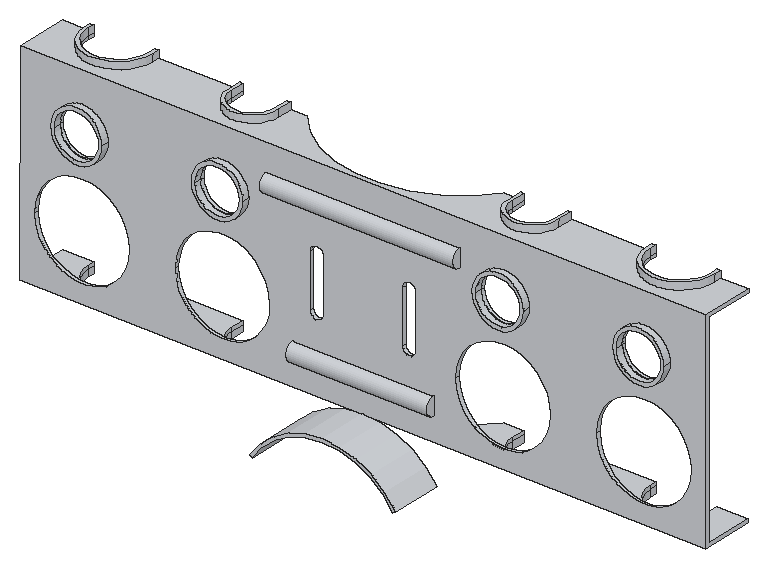
Revit family
Parameters
  URL = "www.siouxchief.com"
  Model = "521-110"
  Manufacturer = "Sioux Chief Manufacturing"
  Keynote = "Position Bracket"
  Description = "Position Bracket"
Reference planes (in)
  plane 1 "Center (Front/Back)": y = 0
  plane 2: z = 0
  plane 3 "Center (Left/Right)": x = 0
  plane 4: x = -4.875
  plane 5: x = 4.875
  plane 6: x = -3.995
  plane 7: x = -1.995
  plane 8: z = 2.17799
  plane 9: z = 0.923
  plane 10: z = 0.969
  plane 11: y = -0.1
  plane 12: y = -0.215
Forms (in)
  Extrusion 1, solid
    sketch origin (0, 0, 0) x (0, 1, 0) y (0, 0, 1)
      loop
        line (0, 0) -> (0, 0.05) -> (-0.7, 0.05) -> (-0.7, 2.921) -> (0, 2.921) -> (0, 2.971) -> (-0.75, 2.971) -> (-0.75, 0) -> (0, 0)
    from -4.875 to 4.875
  Extrusion 2, void
    sketch origin (0, 0, 0) x (1, 0, 0) y (0, 0, 1)
      loop
        circle (-3.995, 0.923) r 0.674
    from 0.69964 to 0.75
  Extrusion 3, void
    sketch origin (2, 0, 0) x (1, 0, 0) y (0, 0, 1)
      loop
        circle (-3.995, 0.923) r 0.674
    from 0 to 0.75
  Extrusion 4, solid
    sketch origin (0, 0, 0) x (1, 0, 0) y (0, 0, 1)
      loop
        circle (-3.995, 2.17799) r 0.364
    from 0.75 to 0.85
  Extrusion 5, void
    sketch origin (0, 0, 0) x (1, 0, 0) y (0, 0, 1)
      loop
        circle (-3.995, 2.17799) r 0.316
    from 0.85 to 0.7
  Extrusion 6, solid
    sketch origin (2, 0, 0) x (1, 0, 0) y (0, 0, 1)
      loop
        circle (-3.995, 2.17799) r 0.364
    from 0.75 to 0.85
  Extrusion 7, void
    sketch origin (2, 0, 0) x (1, 0, 0) y (0, 0, 1)
      loop
        circle (-3.995, 2.17799) r 0.316
    from 0.85 to 0.7
  Extrusion 8, void
    sketch origin (0, 0, 0) x (-1, 0, 0) y (0, 0, -1)
      loop
        circle (-3.995, -0.923) r 0.674
    from 0.69964 to 0.75
  Extrusion 9, void
    sketch origin (-2, 0, 0) x (-1, 0, 0) y (0, 0, -1)
      loop
        circle (-3.995, -0.923) r 0.674
    from 0 to 0.75
  Extrusion 10, solid
    sketch origin (0, 0, 0) x (-1, 0, 0) y (0, 0, -1)
      loop
        circle (-3.995, -2.17799) r 0.364
    from 0.75 to 0.85
  Extrusion 11, void
    sketch origin (0, 0, 0) x (-1, 0, 0) y (0, 0, -1)
      loop
        circle (-3.995, -2.17799) r 0.316
    from 0.85 to 0.7
  Extrusion 12, solid
    sketch origin (-2, 0, 0) x (-1, 0, 0) y (0, 0, -1)
      loop
        circle (-3.995, -2.17799) r 0.364
    from 0.75 to 0.85
  Extrusion 13, void
    sketch origin (-2, 0, 0) x (-1, 0, 0) y (0, 0, -1)
      loop
        circle (-3.995, -2.17799) r 0.316
    from 0.85 to 0.7
  Extrusion 14, void
    sketch origin (0, 0, 0) x (1, 0, 0) y (0, 0, 1)
      loop
        line (-0.563, 1.063) -> (-0.563, 1.813)
        arc (-0.563, 1.813) -> (-0.657, 1.907) -> (-0.751, 1.813) r 0.094
        line (-0.751, 1.813) -> (-0.751, 1.063)
        arc (-0.751, 1.063) -> (-0.657, 0.969) -> (-0.563, 1.063) r 0.094
    from 0.7 to 0.75
  Extrusion 15, void
    sketch origin (0, 0, 0) x (-1, 0, 0) y (0, 0, -1)
      loop
        arc (-0.563, -1.063) -> (-0.657, -0.969) -> (-0.751, -1.063) r 0.094
        line (-0.751, -1.063) -> (-0.751, -1.813)
        arc (-0.751, -1.813) -> (-0.657, -1.907) -> (-0.563, -1.813) r 0.094
        line (-0.563, -1.813) -> (-0.563, -1.063)
    from 0.7 to 0.75
  Extrusion 16, solid
    sketch origin (0, -0.75, 2.971) x (0, 1, 0) y (-1, 0, 0)
      loop
        arc (0.65, 4.48) -> (0.165, 3.995) -> (0.65, 3.51) r 0.485
        line (0.65, 3.51) -> (0.75, 3.51) -> (0.75, 4.48) -> (0.65, 4.48)
    from 0 to 0.1
  Extrusion 17, solid
    sketch origin (0, -0.75, 2.971) x (0, 1, 0) y (-1, 0, 0)
      loop
        arc (0.535, 2.355) -> (0.175, 1.995) -> (0.535, 1.635) r 0.36
        line (0.535, 1.635) -> (0.75, 1.635) -> (0.75, 2.355) -> (0.535, 2.355)
    from 0 to 0.1
  Extrusion 18, void
    sketch origin (0, -0.75, 2.971) x (-1, 0, 0) y (0, 1, 0)
      loop
        line (4.432, 0.65) -> (4.432, 0.75) -> (3.558, 0.75) -> (3.558, 0.65)
        arc (3.558, 0.65) -> (3.995, 0.213) -> (4.432, 0.65) r 0.437
    from -0.1 to 0.05
  Extrusion 19, void
    sketch origin (0, -0.75, 2.971) x (-1, 0, 0) y (0, 1, 0)
      loop
        line (2.305, 0.535) -> (2.305, 0.75) -> (1.685, 0.75) -> (1.685, 0.535)
        arc (1.685, 0.535) -> (1.995, 0.225) -> (2.305, 0.535) r 0.31
    from -0.1 to 0.05
  Extrusion 20, solid
    sketch origin (0, -0.75, 0) x (1, 0, 0) y (0, -1, 0)
      loop
        line (-4.48, -0.65) -> (-4.48, -0.75) -> (-3.51, -0.75) -> (-3.51, -0.65)
        arc (-3.51, -0.65) -> (-3.995, -0.165) -> (-4.48, -0.65) r 0.485
    from 0 to 0.1
  Extrusion 21, solid
    sketch origin (0, -0.75, 0) x (1, 0, 0) y (0, -1, 0)
      loop
        line (-2.355, -0.535) -> (-2.355, -0.75) -> (-1.635, -0.75) -> (-1.635, -0.535)
        arc (-1.635, -0.535) -> (-1.995, -0.175) -> (-2.355, -0.535) r 0.36
    from 0 to 0.1
  Extrusion 22, void
    sketch origin (0, -0.75, 0) x (0, -1, 0) y (1, 0, 0)
      loop
        arc (-0.65, -4.432) -> (-0.213, -3.995) -> (-0.65, -3.558) r 0.437
        line (-0.65, -3.558) -> (-0.75, -3.558) -> (-0.75, -4.432) -> (-0.65, -4.432)
    from -0.1 to 0.05
  Extrusion 23, void
    sketch origin (0, -0.75, 0) x (0, -1, 0) y (1, 0, 0)
      loop
        arc (-0.535, -2.305) -> (-0.225, -1.995) -> (-0.535, -1.685) r 0.31
        line (-0.535, -1.685) -> (-0.75, -1.685) -> (-0.75, -2.305) -> (-0.535, -2.305)
    from -0.1 to 0.05
  Extrusion 24, solid
    sketch origin (0, -0.75, 2.971) x (0, 1, 0) y (-1, 0, 0)
      loop
        line (0.65, -4.48) -> (0.75, -4.48) -> (0.75, -3.51) -> (0.65, -3.51)
        arc (0.65, -3.51) -> (0.165, -3.995) -> (0.65, -4.48) r 0.485
    from 0 to 0.1
  Extrusion 25, solid
    sketch origin (0, -0.75, 2.971) x (0, 1, 0) y (-1, 0, 0)
      loop
        line (0.535, -2.355) -> (0.75, -2.355) -> (0.75, -1.635) -> (0.535, -1.635)
        arc (0.535, -1.635) -> (0.175, -1.995) -> (0.535, -2.355) r 0.36
    from 0 to 0.1
  Extrusion 26, void
    sketch origin (0, -0.75, 2.971) x (-1, 0, 0) y (0, 1, 0)
      loop
        arc (-4.432, 0.65) -> (-3.995, 0.213) -> (-3.558, 0.65) r 0.437
        line (-3.558, 0.65) -> (-3.558, 0.75) -> (-4.432, 0.75) -> (-4.432, 0.65)
    from -0.1 to 0.05
  Extrusion 27, void
    sketch origin (0, -0.75, 2.971) x (-1, 0, 0) y (0, 1, 0)
      loop
        arc (-2.305, 0.535) -> (-1.995, 0.225) -> (-1.685, 0.535) r 0.31
        line (-1.685, 0.535) -> (-1.685, 0.75) -> (-2.305, 0.75) -> (-2.305, 0.535)
    from -0.1 to 0.05
  Extrusion 28, solid
    sketch origin (0, -0.75, 0) x (1, 0, 0) y (0, -1, 0)
      loop
        arc (4.48, -0.65) -> (3.995, -0.165) -> (3.51, -0.65) r 0.485
        line (3.51, -0.65) -> (3.51, -0.75) -> (4.48, -0.75) -> (4.48, -0.65)
    from 0 to 0.1
  Extrusion 29, solid
    sketch origin (0, -0.75, 0) x (1, 0, 0) y (0, -1, 0)
      loop
        arc (2.355, -0.535) -> (1.995, -0.175) -> (1.635, -0.535) r 0.36
        line (1.635, -0.535) -> (1.635, -0.75) -> (2.355, -0.75) -> (2.355, -0.535)
    from 0 to 0.1
  Extrusion 30, void
    sketch origin (0, -0.75, 0) x (0, -1, 0) y (1, 0, 0)
      loop
        line (-0.65, 4.432) -> (-0.75, 4.432) -> (-0.75, 3.558) -> (-0.65, 3.558)
        arc (-0.65, 3.558) -> (-0.213, 3.995) -> (-0.65, 4.432) r 0.437
    from -0.1 to 0.05
  Extrusion 31, void
    sketch origin (0, -0.75, 0) x (0, -1, 0) y (1, 0, 0)
      loop
        line (-0.535, 2.305) -> (-0.75, 2.305) -> (-0.75, 1.685) -> (-0.535, 1.685)
        arc (-0.535, 1.685) -> (-0.225, 1.995) -> (-0.535, 2.305) r 0.31
    from -0.1 to 0.05
  Extrusion 32, solid
    sketch origin (0, -0.75, 0) x (0, 0, 1) y (-1, 0, 0)
      loop
        line (-0.56948, 1.04051) -> (-0.59545, 0.99991)
        arc (-0.59545, 0.99991) -> (-0.048, 0) -> (-0.59545, -0.99991) r 1.18688
        line (-0.59545, -0.99991) -> (-0.56948, -1.04051)
        arc (-0.56948, -1.04051) -> (0, 0) -> (-0.56948, 1.04051) r 1.23531
    from 0 to 0.719
  Extrusion 33, solid
    sketch origin (-1.375, 0, -0.22937) x (0, 1, 0) y (0, 0, 1)
      loop
        arc (-0.75, 2.82537) -> (-0.875, 2.70037) -> (-0.75, 2.57537) r 0.125
        line (-0.75, 2.57537) -> (-0.75, 2.82537)
    from 0 to 2.75
  Extrusion 34, void
    sketch origin (0, -0.73438, 2.971) x (-1, 0, 0) y (0, 1, 0)
      loop
        line (1.4094, 0.75008) -> (-1.4094, 0.75008)
        arc (-1.4094, 0.75008) -> (0, 0.04421) -> (1.4094, 0.75008) r 1.76
    from 0 to 2.971
  Extrusion 35, solid
    sketch origin (-1, 0, 3.15237) x (0, 1, 0) y (0, 0, 1)
      loop
        line (-0.75, -2.82537) -> (-0.75, -2.57537)
        arc (-0.75, -2.57537) -> (-0.875, -2.70037) -> (-0.75, -2.82537) r 0.125
    from 0 to 2
  Extrusion 36, solid, not visible
    sketch origin (0, 0, 0) x (1, 0, 0) y (0, 1, 0)
      loop
        circle (-1.995, -0.215) r 0.31
    from -0.1 to 0
  Extrusion 37, solid, not visible
    sketch origin (3.99, 0, 0) x (1, 0, 0) y (0, 1, 0)
      loop
        circle (-1.995, -0.215) r 0.31
    from -0.1 to 0
  Extrusion 38, solid, not visible
    sketch origin (0, -0.8861, 0) x (0, 0, 1) y (-1, 0, 0)
      loop
        circle (-1.2455, 0) r 1.1975
    from 0 to 0.1
  Extrusion 39, solid, not visible
    sketch origin (0, -0.75, -0.1) x (0, 1, 0) y (-1, 0, 0)
      loop
        circle (0.688, 3.995) r 0.375
    from 0 to 0.1
  Extrusion 40, solid, not visible
    sketch origin (0, -0.75, -0.1) x (0, 1, 0) y (-1, 0, 0)
      loop
        circle (0.688, -3.995) r 0.375
    from 0 to 0.1
  Extrusion 41, solid, not visible
    sketch origin (0, 0, 0) x (-1, 0, 0) y (0, 1, 0)
      loop
        circle (0, 1.05984) r 1.5
    from 0 to 0.1
Cuts and joins
  Extrusion 2, Extrusion 3, Extrusion 5, Extrusion 7, Extrusion 8, Extrusion 9, Extrusion 11, Extrusion 13, Extrusion 14, Extrusion 15, Extrusion 18, Extrusion 19, Extrusion 22, Extrusion 23, Extrusion 26, Extrusion 27, Extrusion 30, Extrusion 31, Extrusion 34 cuts Extrusion 1
  Extrusion 5, Extrusion 7, Extrusion 11 cuts Extrusion 4
  Extrusion 7, Extrusion 13 cuts Extrusion 6
  Extrusion 11 cuts Extrusion 10
  Extrusion 13 cuts Extrusion 12
  Extrusion 18, Extrusion 22, Extrusion 26 cuts Extrusion 16
  Extrusion 19, Extrusion 23, Extrusion 27 cuts Extrusion 17
  Extrusion 22, Extrusion 30 cuts Extrusion 20
  Extrusion 23, Extrusion 31 cuts Extrusion 21
  Extrusion 26 cuts Extrusion 24
  Extrusion 27 cuts Extrusion 25
  Extrusion 30 cuts Extrusion 28
  Extrusion 31 cuts Extrusion 29
Dimensions and locks (in)
  locked: plane 5 to plane 4 at 9.75
  plane 1 "Center (Front/Back)" to plane 12 = 0.215"
  aligned and locked: plane 2 to level
  aligned and locked: Extrusion 1 to plane 4
  aligned and locked: Extrusion 1 to plane 5
  aligned and locked: Extrusion 1 to Extrusion 3
  aligned and locked: Extrusion 1 to Extrusion 2
  aligned and locked: Extrusion 1 to Extrusion 5
  aligned and locked: Extrusion 1 to Extrusion 14  (x2)
  aligned and locked: Extrusion 1 to Extrusion 15  (x2)
  aligned: Extrusion 16 to cut or joined group 1 (Extrusion 1, Extrusion 2, Extrusion 3, Extrusion 5, Extrusion 7, Extrusion 8, Extrusion 9, Extrusion 11, Extrusion 13, Extrusion 14, Extrusion 15, Extrusion 18, Extrusion 19, Extrusion 22, Extrusion 23, Extrusion 26, Extrusion 27, Extrusion 30, Extrusion 31, Extrusion 34)
  aligned: Extrusion 17 to cut or joined group 1
  aligned and locked: Extrusion 17 to Extrusion 18
  aligned and locked: Extrusion 18 to Extrusion 1
  aligned and locked: Extrusion 18 to Extrusion 19
  aligned and locked: Extrusion 19 to Extrusion 1
  aligned and locked: Extrusion 21 to Extrusion 22
  aligned and locked: Extrusion 22 to Extrusion 23
  aligned and locked: Extrusion 25 to Extrusion 26
  aligned and locked: Extrusion 26 to Extrusion 27
  aligned and locked: Extrusion 29 to Extrusion 30
  aligned and locked: Extrusion 30 to Extrusion 31
  aligned and locked: cut or joined group 1 to Extrusion 34
  aligned and locked: Extrusion 34 to level
  aligned and locked: Extrusion 36 to cut or joined group of Extrusion 20, Extrusion 22, Extrusion 30
  aligned and locked: Extrusion 36 to cut or joined group 1
Connectors (in)
  piping at (-1.995, -0.75, 0.923)
    settings: on cut or joined group 1, index 1, connector radius 0.63", flow factor 0, pipe flow 0 GPM, pressure drop 0.00 psi, fitting loss kfactor 0, connector angle 0.00°, fixture units 0, flow configuration 0, flow direction 0, fitting loss method 0, system type 22, connector reference index 19, connector utility 0, adjustable connector no, is connector primary yes, fitting loss table "", connector description ""
  piping at (-3.995, -0.7, 0.923)
    settings: on cut or joined group 1, index 2, connector radius 0.63", flow factor 0, pipe flow 0 GPM, pressure drop 0.00 psi, fitting loss kfactor 0, connector angle 0.00°, fixture units 0, flow configuration 0, flow direction 0, fitting loss method 0, system type 22, connector reference index 20, connector utility 0, adjustable connector no, is connector primary no, fitting loss table "", connector description ""
  piping at (3.995, -0.75, 0.923)
    settings: on cut or joined group 1, index 4, connector radius 0.63", flow factor 0, pipe flow 0 GPM, pressure drop 0.00 psi, fitting loss kfactor 0, connector angle 0.00°, fixture units 0, flow configuration 0, flow direction 0, fitting loss method 0, system type 22, connector reference index 15, connector utility 0, adjustable connector no, is connector primary no, fitting loss table "", connector description ""
  piping at (3.995, -0.85, 2.17799)
    settings: on cut or joined group of Extrusion 10, Extrusion 11, index 5, connector radius 1/4", flow factor 0, pipe flow 0 GPM, pressure drop 0.00 psi, fitting loss kfactor 0, connector angle 0.00°, fixture units 0, flow configuration 0, flow direction 0, fitting loss method 0, system type 22, connector reference index 17, connector utility 0, adjustable connector no, is connector primary no, fitting loss table "", connector description ""
  piping at (1.995, -0.85, 2.17799)
    settings: on cut or joined group of Extrusion 12, Extrusion 13, index 6, connector radius 1/4", flow factor 0, pipe flow 0 GPM, pressure drop 0.00 psi, fitting loss kfactor 0, connector angle 0.00°, fixture units 0, flow configuration 0, flow direction 0, fitting loss method 0, system type 22, connector reference index 18, connector utility 0, adjustable connector no, is connector primary no, fitting loss table "", connector description ""
  piping at (-1.995, -0.85, 2.17799)
    settings: on cut or joined group of Extrusion 6, Extrusion 7, Extrusion 13, index 7, connector radius 1/4", flow factor 0, pipe flow 0 GPM, pressure drop 0.00 psi, fitting loss kfactor 0, connector angle 0.00°, fixture units 0, flow configuration 0, flow direction 0, fitting loss method 0, system type 22, connector reference index 21, connector utility 0, adjustable connector no, is connector primary no, fitting loss table "", connector description ""
  piping at (-3.995, -0.85, 2.17799)
    settings: on cut or joined group of Extrusion 4, Extrusion 5, Extrusion 7, Extrusion 11, index 8, connector radius 1/4", flow factor 0, pipe flow 0 GPM, pressure drop 0.00 psi, fitting loss kfactor 0, connector angle 0.00°, fixture units 0, flow configuration 0, flow direction 0, fitting loss method 0, system type 22, connector reference index 22, connector utility 0, adjustable connector no, is connector primary no, fitting loss table "", connector description ""
  piping at (-1.995, -0.215, 0)
    settings: on Extrusion 36, index 9, connector radius 1/4", flow factor 0, pipe flow 0 GPM, pressure drop 0.00 psi, fitting loss kfactor 0, connector angle 0.00°, fixture units 0, flow configuration 0, flow direction 0, fitting loss method 0, system type 22, connector reference index -1, connector utility 0, adjustable connector no, is connector primary no, fitting loss table "", connector description ""
  piping at (-1.995, -0.215, 0)
    settings: on Extrusion 36, index 11, connector radius 1/4", flow factor 0, pipe flow 0 GPM, pressure drop 0.00 psi, fitting loss kfactor 0, connector angle 0.00°, fixture units 0, flow configuration 0, flow direction 0, fitting loss method 0, system type 22, connector reference index 12, connector utility 0, adjustable connector no, is connector primary no, fitting loss table "", connector description ""
  piping at (-1.995, -0.215, -0.1)
    settings: on Extrusion 36, index 12, connector radius 1/4", flow factor 0, pipe flow 0 GPM, pressure drop 0.00 psi, fitting loss kfactor 0, connector angle 0.00°, fixture units 0, flow configuration 0, flow direction 0, fitting loss method 0, system type 22, connector reference index 11, connector utility 0, adjustable connector no, is connector primary no, fitting loss table "", connector description ""
  piping at (1.995, -0.215, 0)
    settings: on Extrusion 37, index 13, connector radius 1/4", flow factor 0, pipe flow 0 GPM, pressure drop 0.00 psi, fitting loss kfactor 0, connector angle 0.00°, fixture units 0, flow configuration 0, flow direction 0, fitting loss method 0, system type 22, connector reference index 14, connector utility 0, adjustable connector no, is connector primary no, fitting loss table "", connector description ""
  piping at (1.995, -0.215, -0.1)
    settings: on Extrusion 37, index 14, connector radius 1/4", flow factor 0, pipe flow 0 GPM, pressure drop 0.00 psi, fitting loss kfactor 0, connector angle 0.00°, fixture units 0, flow configuration 0, flow direction 0, fitting loss method 0, system type 22, connector reference index 13, connector utility 0, adjustable connector no, is connector primary no, fitting loss table "", connector description ""
  piping at (3.995, -0.7, 0.923)
    settings: on cut or joined group 1, index 15, connector radius 0.63", flow factor 0, pipe flow 0 GPM, pressure drop 0.00 psi, fitting loss kfactor 0, connector angle 0.00°, fixture units 0, flow configuration 0, flow direction 0, fitting loss method 0, system type 22, connector reference index 4, connector utility 0, adjustable connector no, is connector primary no, fitting loss table "", connector description ""
  piping at (3.995, -0.75, 2.17799)
    settings: on cut or joined group 1, index 17, connector radius 1/4", flow factor 0, pipe flow 0 GPM, pressure drop 0.00 psi, fitting loss kfactor 0, connector angle 0.00°, fixture units 0, flow configuration 0, flow direction 0, fitting loss method 0, system type 22, connector reference index 5, connector utility 0, adjustable connector no, is connector primary no, fitting loss table "", connector description ""
  piping at (1.995, -0.75, 2.17799)
    settings: on cut or joined group 1, index 18, connector radius 1/4", flow factor 0, pipe flow 0 GPM, pressure drop 0.00 psi, fitting loss kfactor 0, connector angle 0.00°, fixture units 0, flow configuration 0, flow direction 0, fitting loss method 0, system type 22, connector reference index 6, connector utility 0, adjustable connector no, is connector primary no, fitting loss table "", connector description ""
  piping at (-1.995, -0.7, 0.923)
    settings: on cut or joined group 1, index 19, connector radius 0.63", flow factor 0, pipe flow 0 GPM, pressure drop 0.00 psi, fitting loss kfactor 0, connector angle 0.00°, fixture units 0, flow configuration 0, flow direction 0, fitting loss method 0, system type 22, connector reference index 1, connector utility 0, adjustable connector no, is connector primary no, fitting loss table "", connector description ""
  piping at (-3.995, -0.75, 0.923)
    settings: on cut or joined group 1, index 20, connector radius 0.63", flow factor 0, pipe flow 0 GPM, pressure drop 0.00 psi, fitting loss kfactor 0, connector angle 0.00°, fixture units 0, flow configuration 0, flow direction 0, fitting loss method 0, system type 22, connector reference index 2, connector utility 0, adjustable connector no, is connector primary no, fitting loss table "", connector description ""
  piping at (-1.995, -0.75, 2.17799)
    settings: on cut or joined group 1, index 21, connector radius 1/4", flow factor 0, pipe flow 0 GPM, pressure drop 0.00 psi, fitting loss kfactor 0, connector angle 0.00°, fixture units 0, flow configuration 0, flow direction 0, fitting loss method 0, system type 22, connector reference index 7, connector utility 0, adjustable connector no, is connector primary no, fitting loss table "", connector description ""
  piping at (-3.995, -0.75, 2.17799)
    settings: on cut or joined group 1, index 22, connector radius 1/4", flow factor 0, pipe flow 0 GPM, pressure drop 0.00 psi, fitting loss kfactor 0, connector angle 0.00°, fixture units 0, flow configuration 0, flow direction 0, fitting loss method 0, system type 22, connector reference index 8, connector utility 0, adjustable connector no, is connector primary no, fitting loss table "", connector description ""
  piping at (1.995, -0.75, 0.923)
    settings: on cut or joined group 1, index 23, connector radius 0.63", flow factor 0, pipe flow 0 GPM, pressure drop 0.00 psi, fitting loss kfactor 0, connector angle 0.00°, fixture units 0, flow configuration 0, flow direction 0, fitting loss method 0, system type 22, connector reference index 24, connector utility 0, adjustable connector no, is connector primary no, fitting loss table "", connector description ""
  piping at (1.995, -0.7, 0.923)
    settings: on cut or joined group 1, index 24, connector radius 0.63", flow factor 0, pipe flow 0 GPM, pressure drop 0.00 psi, fitting loss kfactor 0, connector angle 0.00°, fixture units 0, flow configuration 0, flow direction 0, fitting loss method 0, system type 22, connector reference index 23, connector utility 0, adjustable connector no, is connector primary no, fitting loss table "", connector description ""
  piping at (0, -0.8861, -1.2455)
    settings: on Extrusion 38, index 25, connector radius 1", flow factor 0, pipe flow 0 GPM, pressure drop 0.00 psi, fitting loss kfactor 0, connector angle 0.00°, fixture units 0, flow configuration 0, flow direction 0, fitting loss method 0, system type 22, connector reference index 26, connector utility 0, adjustable connector no, is connector primary no, fitting loss table "", connector description ""
  piping at (0, -0.9861, -1.2455)
    settings: on Extrusion 38, index 26, connector radius 1", flow factor 0, pipe flow 0 GPM, pressure drop 0.00 psi, fitting loss kfactor 0, connector angle 0.00°, fixture units 0, flow configuration 0, flow direction 0, fitting loss method 0, system type 22, connector reference index 25, connector utility 0, adjustable connector no, is connector primary no, fitting loss table "", connector description ""
  piping at (3.995, -0.062, 0)
    settings: on Extrusion 40, index 27, connector radius 0.38", flow factor 0, pipe flow 0 GPM, pressure drop 0.00 psi, fitting loss kfactor 0, connector angle 0.00°, fixture units 0, flow configuration 0, flow direction 0, fitting loss method 0, system type 22, connector reference index 28, connector utility 0, adjustable connector no, is connector primary no, fitting loss table "", connector description ""
  piping at (3.995, -0.062, -0.1)
    settings: on Extrusion 40, index 28, connector radius 0.38", flow factor 0, pipe flow 0 GPM, pressure drop 0.00 psi, fitting loss kfactor 0, connector angle 0.00°, fixture units 0, flow configuration 0, flow direction 0, fitting loss method 0, system type 22, connector reference index 27, connector utility 0, adjustable connector no, is connector primary no, fitting loss table "", connector description ""
  piping at (-3.995, -0.062, 0)
    settings: on Extrusion 39, index 29, connector radius 0.38", flow factor 0, pipe flow 0 GPM, pressure drop 0.00 psi, fitting loss kfactor 0, connector angle 0.00°, fixture units 0, flow configuration 0, flow direction 0, fitting loss method 0, system type 22, connector reference index 30, connector utility 0, adjustable connector no, is connector primary no, fitting loss table "", connector description ""
  piping at (-3.995, -0.062, -0.1)
    settings: on Extrusion 39, index 30, connector radius 0.38", flow factor 0, pipe flow 0 GPM, pressure drop 0.00 psi, fitting loss kfactor 0, connector angle 0.00°, fixture units 0, flow configuration 0, flow direction 0, fitting loss method 0, system type 22, connector reference index 29, connector utility 0, adjustable connector no, is connector primary no, fitting loss table "", connector description ""
  piping at (0, 1.05984, 0)
    settings: on Extrusion 41, index 31, connector radius 1 1/2", flow factor 0, pipe flow 0 GPM, pressure drop 0.00 psi, fitting loss kfactor 0, connector angle 0.00°, fixture units 0, flow configuration 0, flow direction 0, fitting loss method 0, system type 22, connector reference index 32, connector utility 0, adjustable connector no, is connector primary no, fitting loss table "", connector description ""
  piping at (0, 1.05984, -0.1)
    settings: on Extrusion 41, index 32, connector radius 1 1/2", flow factor 0, pipe flow 0 GPM, pressure drop 0.00 psi, fitting loss kfactor 0, connector angle 0.00°, fixture units 0, flow configuration 0, flow direction 0, fitting loss method 0, system type 22, connector reference index 31, connector utility 0, adjustable connector no, is connector primary no, fitting loss table "", connector description ""
